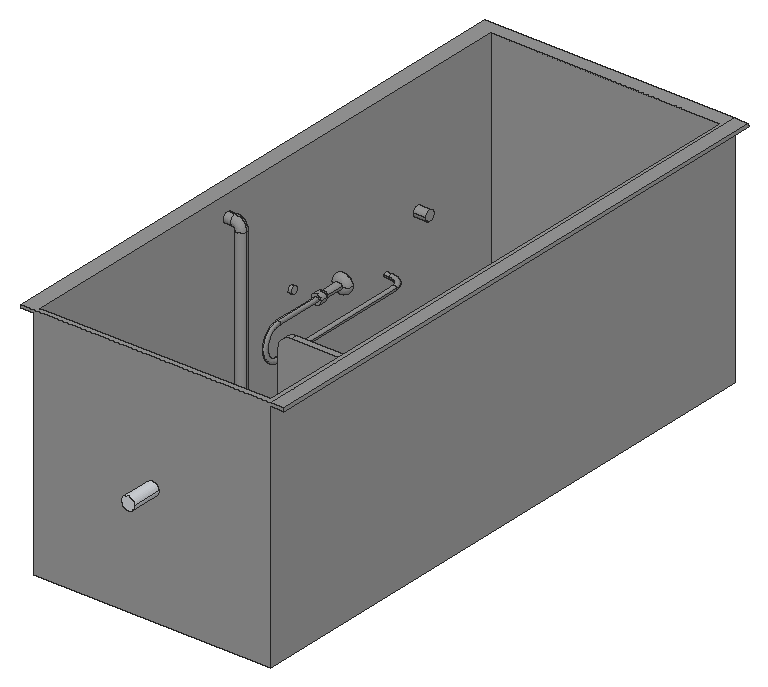
Revit family "Shower_Cabinet-Willoughby-US-3636-HC-L", category Plumbing Fixtures, Revit 2015
Parameters (values of type "Standard")
  Waste Radius = Waste DIA / 2  # 1"
  Waste DIA = 2"
  Waste Connection = yes
  Vent Connection = no
  URL = "https://www.willoughby-ind.com/wp-content/uploads/2018/01/US-3636-HC.pdf"
  Stainless Steel = Stainless Steel AISI 304-Willoughby
  Seat Height = 1' - 6"
  Revision = "A"
  Model = "US-3636-HC-L"
  Manufacturer = "Willoughby Industries"
  HW Connection = no
  HCW Inlet RAD = HCW Inlet DIA / 2  # 1/4"
  HCW Inlet DIA = 1/2"
  HCW Connection = yes
  Grab Bar Height = 3' - 0"
  FRAME DIM = 3' - 0"
  Description = "US 36\" X 36\" Handicap Cabinet Shower, Left Hand"
  Default Elevation = 0' - 0"
  Contact info = "(800) 428-4065"
  CW Connection = no
Reference planes (in)
  plane 1 "Center (Front/Back)": y = 0
  plane 2: z = 0
  plane 3 "Center (Left/Right)": x = 0
  plane 4: y = 88
  plane 5: x = -18
  plane 6: x = 18
  plane 7: z = 36
  plane 8: z = 18
  plane 9 "Seat Height": y = 18
  plane 10 "Grab Bar Height": y = 36
  plane 11: y = 48
  plane 12: y = 72
  plane 13 "Hand Held Shower Hose Connect": z = 12
  plane 14 "Hnd Hld Shwr Hse Conct": y = 66
  plane 15: x = -14.5
  plane 16: z = 17
Forms (in)
  Extrusion 1, solid, material "Stainless Steel AISI 304-Willoughby" <- "Stainless Steel"
    sketch origin (0, 0, 0) x (1, 0, 0) y (0, 0, 1)
      loop
        line (-18, 0) -> (18, 0) -> (18, 35.5) -> (20, 35.5) -> (20, 36) -> (18, 36) -> (-20, 36) -> (-20, 35.5) -> (-18, 35.5) -> (-18, 0)
    from 0 to -88
  Extrusion 2, void, detail levels fine
    sketch origin (0, 0, 0) x (1, 0, 0) y (0, 0, 1)
      loop
        line (17.5, 0.5) -> (17.5, 36) -> (-17.5, 36) -> (-17.5, 0.5) -> (17.5, 0.5)
    from -0.63588 to -86
  Extrusion 3, void, detail levels fine
    sketch origin (0.89838, -8.36412, 3.72188) x (1, 0, 0) y (0, 0, 1)
      loop
        circle (-0.89838, 14.27812) r 2
    from -8.8875 to -9
  Extrusion 4, solid, material "Stainless Steel AISI 304-Willoughby" <- "Stainless Steel"
    sketch origin (0, 0, 0) x (1, 0, 0) y (0, 0, 1)
      loop
        arc (5.5, 16.5) -> (4.91421, 15.08579) -> (3.5, 14.5) r 2
        line (3.5, 14.5) -> (0.5, 14.5)
        arc (0.5, 14.5) -> (-0.91421, 13.91421) -> (-1.5, 12.5) r 2
        line (-1.5, 12.5) -> (-1.5, 0.5) -> (17.5, 0.5) -> (17.5, 33.5) -> (7.5, 33.5)
        arc (7.5, 33.5) -> (6.08579, 32.91421) -> (5.5, 31.5) r 2
        line (5.5, 31.5) -> (5.5, 16.5)
    from -18 to -17
  Extrusion 5, solid
    sketch origin (0, 0, 0) x (1, 0, 0) y (0, 0, 1)
      loop
        circle (0, 18) r 1
    from 0 to 4.5
  Sweep 6, solid, material "Stainless Steel AISI 304-Willoughby" <- "Stainless Steel", detail levels medium+fine
    path origin (0, 42.09078, 0) x (1, 0, 0) y (0, 0, 1)
      loop
        line (0, 0.5) -> (0, 1.75)
        arc (0, 1.75) -> (-0.29289, 2.45711) -> (-1, 2.75) r 1
        line (-1, 2.75) -> (-13.25, 2.75)
        arc (-13.25, 2.75) -> (-14.66421, 3.33579) -> (-15.25, 4.75) r 2
        line (-15.25, 4.75) -> (-15.25, 32)
        arc (-15.25, 32) -> (-15.54289, 32.70711) -> (-16.25, 33) r 1
        line (-16.25, 33) -> (-17.5, 33)
    profile origin (0, 42.09078, 1.125) x (-1, 0, 0) y (0, -1, 0)
      loop
        circle (0, 6.09078) r 0.75
  Extrusion 7, solid, material "Stainless Steel AISI 304-Willoughby" <- "Stainless Steel", detail levels medium+fine
    sketch origin (-4, 0, 27.77891) x (0, 0, 1) y (0, 1, 0)
      loop
        circle (-9.77891, 48) r 0.5
    from 12.8213 to 14
  Extrusion 8, solid, material "Stainless Steel AISI 304-Willoughby" <- "Stainless Steel", detail levels medium+fine
    sketch origin (0, 0, 0) x (0, 1, 0) y (0, 0, 1)
      loop
        circle (72, 18) r 0.75
    from -17.5 to -15.52072
  Sweep 9, solid, material "Stainless Steel AISI 304-Willoughby" <- "Stainless Steel", detail levels fine
    path origin (65.34541, 0, 12) x (1, 0, 0) y (0, 1, 0)
      loop
        line (-82.84541, 66) -> (-81.84541, 66)
        arc (-81.84541, 66) -> (-80.4312, 65.41421) -> (-79.84541, 64) r 2
        line (-79.84541, 64) -> (-79.84541, 42)
    profile origin (-17, 66, 12) x (0, 1, 0) y (0, 0, 1)
      loop
        circle (0, 0) r 0.3125
  Sweep 10, solid, material "Stainless Steel AISI 304-Willoughby" <- "Stainless Steel", detail levels fine
    path origin (-14.5, 0, 102.71882) x (0, 0, 1) y (0, 1, 0)
      loop
        arc (-90.71882, 42) -> (-88.21882, 39.5) -> (-85.71882, 42) r 2.5
        line (-85.71882, 42) -> (-85.71882, 49.25)
    profile origin (-14.5, 39.5, 14.5) x (0, 1, 0) y (-1, 0, 0)
      loop
        circle (0, 0) r 0.3125
  Revolve 11, solid, material "Stainless Steel AISI 304-Willoughby" <- "Stainless Steel", detail levels fine
    sketch origin (0, 0, 17) x (1, 0, 0) y (0, 1, 0)
      loop
        line (-14.5, 49.25) -> (-13.75, 49.25) -> (-13.75, 50.25) -> (-14, 50.68301) -> (-14, 53.43301)
        arc (-14, 53.43301) -> (-13.3576, 53.6991) -> (-13.09151, 54.34151) r 0.90849
        line (-13.09151, 54.34151) -> (-14, 55.25) -> (-14.5, 55.25) -> (-14.5, 49.25)
      axis (-14.5, 49.25) -> (-14.5, 55.25)
    angle from 0 to 360
Cuts and joins
  Extrusion 2, Extrusion 3 cuts Extrusion 1
  joined: Sweep 9, Sweep 10, Revolve 11
Lines and regions (in)
  symbolic lines
    curve 1: line (20, 0, 0) -> (20, 88, 0)
    curve 2: line (20, 88, 0) -> (-20, 88, 0)
    curve 3: line (-20, 88, 0) -> (-20, 0, 0)
    curve 4: line (-20, 0, 0) -> (20, 0, 0)
    curve 39: line (-14, 50.68301, 0) -> (-13.75, 50.25, 0)
    curve 48: line (20, 0, 36) -> (-20, 0, 36)
    curve 49: line (-20, 0, 36) -> (-20, 0, 35.5)
    curve 50: line (-20, 0, 35.5) -> (-18, 0, 35.5)
    curve 51: line (-18, 0, 35.5) -> (-18, 0, 0)
    curve 52: line (-18, 0, 0) -> (18, 0, 0)
    curve 53: line (18, 0, 0) -> (18, 0, 35.5)
    curve 54: line (18, 0, 35.5) -> (20, 0, 35.5)
    curve 55: line (20, 0, 35.5) -> (20, 0, 36)
    curve 56: line (0, 88, 0) -> (0, 88, 36)
    curve 57: line (0, 88, 36) -> (0, 0, 36)
    curve 58: line (0, 0, 36) -> (0, 0, 0)
    curve 59: line (0, 0, 0) -> (0, 88, 0)
    curve 60: line (0, 0, 19) -> (0, -4.5, 19)
    curve 61: line (0, -4.5, 19) -> (0, -4.5, 17)
    curve 62: line (0, -4.5, 17) -> (0, 0, 17)
  symbolic lines, detail levels medium+fine
    curve 5: line (-17.5, 86, 0) -> (17.5, 86, 0)
    curve 6: line (17.5, 86, 0) -> (17.5, 0.63588, 0)
    curve 7: line (17.5, 0.63588, 0) -> (-17.5, 0.63588, 0)
    curve 8: line (-17.5, 0.63588, 0) -> (-17.5, 86, 0)
    curve 9: line (18, 88, 0) -> (18, 0, 0)
    curve 10: line (-18, 0, 0) -> (-18, 88, 0)
    curve 11: line (-17.5, 72.75, 0) -> (-15.52072, 72.75, 0)
    curve 12: line (-15.52072, 72.75, 0) -> (-15.52072, 71.25, 0)
    curve 13: line (-15.52072, 71.25, 0) -> (-17.5, 71.25, 0)
    curve 19: line (17.5, 18, 0) -> (-1.5, 18, 0)
    curve 20: line (-1.5, 18, 0) -> (-1.5, 17, 0)
    curve 21: line (-1.5, 17, 0) -> (17.5, 17, 0)
    curve 22: line (5.5, 18, 0) -> (5.5, 17, 0)
  symbolic lines, detail levels fine
    curve 14: line (-17.5, 36.75, 0) -> (0, 36.75, 0)
    curve 15: line (-17.5, 35.25, 0) -> (0, 35.25, 0)
    curve 16: arc (0, 36.75, 0) -> (0.75, 36, 0) -> (0, 35.25, 0) r 0.75
    curve 17: arc (-15.25, 36.75, 0) -> (-14.5, 36, 0) -> (-15.25, 35.25, 0) r 0.75
    curve 18: arc (-15.25, 36.75, 0) -> (-16, 36, 0) -> (-15.25, 35.25, 0) r 0.75
    curve 23: line (-17.5, 66.31338, 0) -> (-16.44298, 66.31338, 0)
    curve 24: line (-17.5, 65.68513, 0) -> (-16.44298, 65.68513, 0)
    curve 25: arc (-16.44298, 66.31338, 0) -> (-14.8369, 65.60534, 0) -> (-14.18534, 63.97553, 0) r 2.32174
    curve 26: arc (-16.44298, 65.68513, 0) -> (-15.28963, 65.17758, 0) -> (-14.81284, 64.01117, 0) r 1.68137
    curve 27: line (-14.81284, 64.01117, 0) -> (-14.81284, 55.25, 0)
    curve 28: line (-14.18534, 63.97553, 0) -> (-14.18534, 55.25, 0)
    curve 29: line (-15, 55.25, 0) -> (-14, 55.25, 0)
    curve 30: line (-14, 55.25, 0) -> (-13.09151, 54.34151, 0)
    curve 31: line (-13.09151, 54.34151, 0) -> (-15.90849, 54.34151, 0)
    curve 32: line (-15.90849, 54.34151, 0) -> (-15, 55.25, 0)
    curve 33: line (-15, 53.43301, 0) -> (-14, 53.43301, 0)
    curve 34: line (-14, 53.43301, 0) -> (-14, 50.68301, 0)
    curve 35: line (-14, 50.68301, 0) -> (-15, 50.68301, 0)
    curve 36: line (-15, 50.68301, 0) -> (-15, 53.43301, 0)
    curve 37: arc (-15.90849, 54.34151, 0) -> (-15.6424, 53.6991, 0) -> (-15, 53.43301, 0) r 0.90849
    curve 38: arc (-14, 53.43301, 0) -> (-13.3576, 53.6991, 0) -> (-13.09151, 54.34151, 0) r 0.90849
    curve 40: line (-13.75, 50.25, 0) -> (-13.75, 49.25, 0)
    curve 41: line (-13.75, 49.25, 0) -> (-15.25, 49.25, 0)
    curve 42: line (-15.25, 49.25, 0) -> (-15.25, 50.25, 0)
    curve 43: line (-15.25, 50.25, 0) -> (-13.75, 50.25, 0)
    curve 44: line (-15.25, 50.25, 0) -> (-15, 50.68301, 0)
    curve 45: line (-14.18878, 49.25, 0) -> (-14.18878, 39.5, 0)
    curve 46: line (-14.81975, 39.5, 0) -> (-14.81975, 49.25, 0)
    curve 47: arc (-14.18878, 39.5, 0) -> (-14.50426, 39.18452, 0) -> (-14.81975, 39.5, 0) r 0.31548
Dimensions and locks (in)
  locked: plane 3 "Center (Left/Right)" to plane 5 at 18
  locked: plane 6 to plane 3 "Center (Left/Right)" at 18
  plane 4 to cut or joined group of Extrusion 1, Extrusion 2, Extrusion 3 = 0' - 2"
  cut or joined group of Extrusion 1, Extrusion 2, Extrusion 3 to plane 6 = 0' - 0 1/2"
  locked: level to plane 8 at 18
  "Seat Height": plane 9 "Seat Height" to plane 1 "Center (Front/Back)"
  locked: plane 9 "Seat Height" to Extrusion 4 at 1
  locked: plane 1 "Center (Front/Back)" to Extrusion 5 at 4.5
  "Grab Bar Height": plane 10 "Grab Bar Height" to plane 1 "Center (Front/Back)"
  locked: cut or joined group of Extrusion 1, Extrusion 2, Extrusion 3 to level at 0.5
  locked: plane 1 "Center (Front/Back)" to plane 11 at 48
  locked: plane 11 to plane 1 "Center (Front/Back)" at 48
  locked: plane 12 to plane 1 "Center (Front/Back)" at 72
  plane 5 to plane 6 = 3' - 0"
  plane 7 to level = 3' - 0"
  plane 3 "Center (Left/Right)" to plane 6 = 1' - 6"
  aligned and locked: Extrusion 1 to plane 4
  aligned: plane 5 to Extrusion 1
  aligned and locked: Extrusion 1 to plane 6
  aligned and locked: plane 7 to Extrusion 1
  aligned and locked: plane 8 to Extrusion 3 sketch curve
  aligned and locked: plane 3 "Center (Left/Right)" to Extrusion 3 sketch curve
  aligned and locked: Extrusion 4 to plane 9 "Seat Height"
  aligned and locked: plane 8 to Extrusion 5 sketch curve
  aligned and locked: plane 3 "Center (Left/Right)" to Extrusion 5 sketch curve
  aligned: plane 10 "Grab Bar Height" to Sweep 6
  aligned and locked: plane 10 "Grab Bar Height" to Sweep 6 sketch curve
  aligned and locked: plane 8 to Extrusion 8 sketch curve
  aligned and locked: plane 12 to Extrusion 8 sketch curve
  aligned and locked: cut or joined group of Extrusion 1, Extrusion 2, Extrusion 3 to cut or joined group of Extrusion 1, Extrusion 2, Extrusion 3  (x6)
  aligned and locked: level to cut or joined group of Extrusion 1, Extrusion 2, Extrusion 3
  aligned and locked: cut or joined group of Extrusion 1, Extrusion 2, Extrusion 3 to Extrusion 4
  aligned and locked: Extrusion 4 to cut or joined group of Extrusion 1, Extrusion 2, Extrusion 3
  aligned and locked: Sweep 10 to Revolve 11 sketch curve
  aligned and locked: Revolve 11 sketch curve to Sweep 10
Automatic sketch dimensions
  Extrusion 1 sketch curve to plane 7 = 0' - 0"
  plane 5 to Extrusion 1 sketch curve = 0' - 0"
  plane 6 to Extrusion 1 sketch curve = 0' - 0"  (x2)
  Extrusion 1 sketch curve to level = 0' - 0"
  Extrusion 1 sketch curve to plane 7 = 0' - 0 1/2"  (x2)
  Extrusion 1 sketch curve to Extrusion 1 sketch curve = 0' - 2"
  Extrusion 1 sketch curve to plane 6 = 0' - 2"
  Extrusion 2 sketch curve to plane 7 = 0' - 0"
  Extrusion 2 sketch curve to plane 5 = 0' - 0 1/2"
  plane 6 to Extrusion 2 sketch curve = 0' - 0 1/2"
  level to Extrusion 2 sketch curve = 0' - 0 1/2"
  level to Extrusion 4 sketch curve = 0' - 0 1/2"
  Extrusion 4 sketch curve to plane 3 "Center (Left/Right)" = 0' - 1 1/2"
  plane 3 "Center (Left/Right)" to Extrusion 4 sketch curve = 0' - 0 1/2"
  Extrusion 4 sketch curve to Extrusion 4 sketch curve = 0' - 3"
  Extrusion 4 sketch curve to plane 8 = 0' - 1 1/2"
  Extrusion 4 sketch curve to Extrusion 4 sketch curve = 0' - 2"  (x2)
  plane 6 to Extrusion 4 sketch curve = 0' - 0 1/2"
  Extrusion 4 sketch curve to plane 7 = 0' - 4 1/2"
  Sweep 6 sketch curve to plane 3 "Center (Left/Right)" = 0' - 0"
  Sweep 6 sketch curve to Sweep 6 sketch curve = 0' - 1"  (x2)
  Sweep 6 sketch curve to plane 5 = 0' - 4 3/4"
  Sweep 6 sketch curve to Sweep 6 sketch curve = 0' - 2"
  Sweep 6 sketch curve to plane 5 = 0' - 0 1/2"
  level to Sweep 6 sketch curve = 0' - 0 1/2"
  Sweep 6 sketch curve to Sweep 6 sketch curve = 0' - 1 1/4"
  Sweep 6 sketch curve to plane 7 = 0' - 4"
  Sweep 6 sketch curve to profile plane = 0' - 0"
  Extrusion 7 sketch curve to plane 11 = 0' - 0"
  plane 8 to Extrusion 7 sketch curve = 0' - 0"
  level to Sweep 9 sketch curve = 1' - 0"
  Sweep 9 sketch curve to profile plane = 0' - 0"
  plane 14 "Hnd Hld Shwr Hse Conct" to Sweep 9 sketch curve = 0' - 0"
  Sweep 9 sketch curve to plane 5 = 0' - 0 1/2"
  Sweep 9 sketch curve to plane 5 = 0' - 1 1/2"
  Sweep 9 sketch curve to Sweep 9 sketch curve = 0' - 2"
  plane 10 "Grab Bar Height" to Sweep 9 sketch curve = 0' - 6"
  Sweep 10 sketch curve to plane 13 "Hand Held Shower Hose Connect" = 0' - 0"
  Sweep 10 sketch curve to Sweep 10 sketch curve = 0' - 2 1/2"
  plane 10 "Grab Bar Height" to Sweep 10 sketch curve = 0' - 6"
  Sweep 10 sketch curve to plane 11 = 0' - 1 1/4"
  Sweep 10 sketch curve to plane 15 = 0' - 0"
  profile plane to Sweep 10 sketch curve = 0' - 0"
  Revolve 11 sketch curve to plane 15 = 0' - 0"
  Revolve 11 sketch curve to plane 15 = 0' - 0 1/2"  (x2)
  Revolve 11 sketch curve to Revolve 11 sketch curve = 0' - 0 1/4"
  Revolve 11 sketch curve to Revolve 11 sketch curve = 0' - 0.90849"  (x2)
  Revolve 11 sketch curve to Revolve 11 sketch curve = 0' - 0"  (x2)
  Revolve 11 sketch curve to Revolve 11 sketch curve = 0' - 1"
  Revolve 11 sketch curve to Revolve 11 sketch curve = 0' - 0.43301"
  Revolve 11 sketch curve to Revolve 11 sketch curve = 0' - 2 3/4"
  curve 17 to curve 18 = 0' - 0"
  plane 4 to curve 3 = 0' - 0"
  plane 1 "Center (Front/Back)" to curve 3 = 0' - 0"
  curve 10 to plane 5 = 0' - 0"
  curve 17 to plane 10 "Grab Bar Height" = 0' - 0"
  plane 9 "Seat Height" to curve 19 = 0' - 0"
  curve 16 to plane 3 "Center (Left/Right)" = 0' - 0"
  curve 9 to plane 6 = 0' - 0"
  curve 4 to curve 10 = 0' - 2"
  curve 5 to plane 5 = 0' - 0 1/2"
  curve 25 to plane 5 = 0' - 1.49298"
  curve 25 to curve 26 = 0' - 0.01281"
  plane 14 "Hnd Hld Shwr Hse Conct" to curve 24 = 0' - 0.31487"
  curve 24 to curve 24 = 0' - 1.05702"
  curve 23 to plane 14 "Hnd Hld Shwr Hse Conct" = 0' - 0.31338"
  curve 23 to curve 24 = 0' - 0"
  plane 15 to curve 31 = 0' - 1.40849"
  plane 15 to curve 12 = 0' - 1.02072"
  plane 15 to curve 42 = 0' - 0 3/4"
  plane 15 to curve 17 = 0' - 0 3/4"
  plane 15 to curve 32 = 0' - 0 1/2"
  plane 15 to curve 33 = 0' - 0 1/2"
  plane 15 to curve 27 = 0' - 0.31284"
  plane 15 to curve 47 = 0' - 0.00426"
  curve 28 to plane 15 = 0' - 0.31466"
  curve 28 to curve 29 = 0' - 0.18534"
  curve 34 to plane 15 = 0' - 0 1/2"
  curve 34 to curve 39 = 0' - 0 1/4"
  curve 20 to plane 3 "Center (Left/Right)" = 0' - 1 1/2"
  plane 6 to curve 6 = 0' - 0 1/2"
  curve 2 to plane 6 = 0' - 2"
  curve 8 to plane 1 "Center (Front/Back)" = 0' - 0.63588"
  curve 20 to curve 19 = 0' - 1"
  curve 15 to curve 16 = 0' - 0 3/4"
  curve 18 to curve 47 = 0' - 2 3/4"
  curve 40 to plane 11 = 0' - 1 1/4"
  curve 41 to curve 42 = 0' - 1"
  curve 42 to curve 44 = 0' - 0.43301"
  curve 35 to curve 36 = 0' - 2 3/4"
  curve 38 to curve 29 = 0' - 0.90849"
  plane 14 "Hnd Hld Shwr Hse Conct" to curve 28 = 0' - 2.02447"
  curve 25 to curve 26 = 0' - 0.01201"
  plane 12 to curve 13 = 0' - 0 3/4"
  curve 11 to plane 12 = 0' - 0 3/4"
  plane 4 to curve 5 = 0' - 2"
  curve 45 to plane 15 = 0' - 0.31122"
  plane 3 "Center (Left/Right)" to curve 22 = 0' - 5 1/2"
  curve 52 to level = 0' - 0"
  plane 5 to curve 52 = 0' - 0"
  plane 6 to curve 52 = 0' - 0"
  curve 55 to plane 7 = 0' - 0"
  curve 50 to plane 7 = 0' - 0 1/2"
  curve 50 to curve 50 = 0' - 2"
  curve 54 to plane 7 = 0' - 0 1/2"
  curve 48 to plane 6 = 0' - 2"
  curve 62 to plane 16 = 0' - 0"
  curve 58 to level = 0' - 0"
  curve 62 to plane 1 "Center (Front/Back)" = 0' - 0"
  curve 56 to plane 4 = 0' - 0"
  curve 57 to plane 7 = 0' - 0"
  plane 8 to curve 60 = 0' - 1"
  curve 60 to curve 60 = 0' - 4 1/2"
  radius of Extrusion 3 sketch curve = 0' - 2"
  radius of Extrusion 5 sketch curve = 0' - 1"
  radius of Sweep 6 sketch curve = 0' - 0 3/4"
  radius of Extrusion 7 sketch curve = 0' - 0 1/2"
  radius of Extrusion 8 sketch curve = 0' - 0 3/4"
  radius of Sweep 9 sketch curve = 0' - 0 5/16"
  radius of Sweep 10 sketch curve = 0' - 0 5/16"
Connectors (in)
  piping at (0, -4.5, 18), diameter 2, driven by "Waste Connection", driven by "Waste Radius"
    settings: on Extrusion 5, index 1, connector inside diameter 2", connector length 0' - 0", flow factor 0, pipe flow 0 GPM, pressure drop 0.00 psi, fitting loss kfactor 0, connector angle 0.00°, fixture units 0, engagement length 0' - 0", angle of deflection 0.00°, flow configuration 0, flow direction 2, fitting loss method 0, system type 16, joint type 0, gender type 0, connector reference index -1, connector utility 1, adjustable connector yes, is connector primary yes, connector description "Shower Drain"
  piping at (-18, 48, 18), diameter 0.5, driven by "HCW Inlet RAD"
    settings: on Extrusion 7, index 2, connector inside diameter 1", connector length 0' - 0", flow factor 0, pipe flow 0 GPM, pressure drop 0.00 psi, fitting loss kfactor 0, connector angle 0.00°, fixture units 0, engagement length 0' - 0", angle of deflection 0.00°, flow configuration 0, flow direction 1, fitting loss method 0, system type 7, joint type 0, gender type 0, connector reference index -1, connector utility 1, adjustable connector no, is connector primary no, connector description "Cold & Hot Water Inlet"
